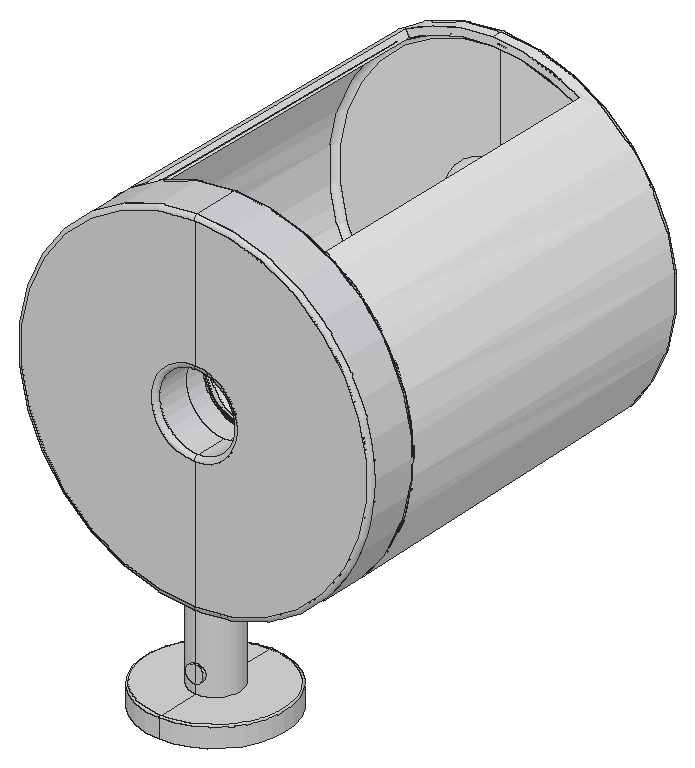
Revit family "Accessory-Tissue_Holder-KOHLER-STILLNESS-K-14388T", category Specialty Equipment, host Face, Revit 2017
Family settings
  Host = Face
  Round Connector Dimension = Use Diameter
  Part Type = Normal
  OmniClass Number = 23.31.25.21
  OmniClass Title = Toilet Paper Dispensers
  Cut with Voids When Loaded = No
  Shared = No
  Room Calculation Point = No
Parameters (values of type "CP-Polished Chrome")
  Width = 4.80315"  # constant formula
  WaterSense Certified = 1 = 0  # no
  URL = "https://www.kohler.com.cn/\r\nhttp://www.kohler.com.cn/\r\nhttp://www.kohler.com.cn/\r\nhttp://www.kohler.com.cn/\r\nhttp://www.kohler.com.cn/"
  Type = 1
  Product Page URL = "https://www.kohler.com.cn/product/K-14388T-CP/K-14388T-CP/"
  Product Name = "STILLNESS"  # constant formula
  Product Documentation Link = "https://files.kohler.com.cn/pdfs/k_14397t_14388t_stillness.pdf"
  Model = if(Type = 1, "K-14455T-CP", if(Type = 2, "K-14455T-SN", if(Type = 3, "K-14455T-BN", if(Type = 4, "K-14455T-PGD", if(Type = 5, "K-14455T-RGD", "NA")))))  # "K-14455T-CP"
  Material = "Premium Metal Construction"  # constant formula
  Master Format 2014 Name = "Toilet, Bath, and Laundry Accessories"  # constant formula
  Master Format 2014 = "10 28 00"  # constant formula
  Manufacturer Address = "Kohler Beijing Office (100016) 36-2-03-B, No. 88, Liuxiang Road, Beijing"  # constant formula
  Manufacturer = "KOHLER Co."  # constant formula
  Length = 6.08268"  # constant formula
  Height = 5.81102"  # constant formula
  Finish = Kohler-Metal-CP-Polished_Chrome
  Environmental Product Declaration = ""
  Description = "Toilet Paper Holder (With Cover)"  # constant formula
  Default Elevation = 42"
  Declare Label = ""
  Date Modified = "07/08/2020"  # constant formula
  Date Created = "07/08/2020"  # constant formula
  Copyright = "Copyright KOHLER Co."  # constant formula
  Contact Us = "http://www.kohler.com.cn/contact/contact-us/"
  Assembly Code = "C1030200"
  ADA Compliant = 1 = 0  # no
Types (6): name | Type | Product Page URL | Model | Finish
  (no name) | 1 | "https://www.kohler.com.cn/product/K-14388T-CP/K-14388T-CP/" | "K-14455T-CP" | Kohler-Metal-CP-Polished_Chrome
  CP-Polished Chrome | 1 | "https://www.kohler.com.cn/product/K-14388T-CP/K-14388T-CP/" | "K-14455T-CP" | Kohler-Metal-CP-Polished_Chrome
  SN-Champagne Gold | 2 | "https://www.kohler.com.cn/product/K-14388T-CP/K-14388T-SN/" | "K-14455T-SN" | Kohler-Metal-SN-Vibrant_Polished_Nickel
  BN-Roman Silver | 3 | "https://www.kohler.com.cn/product/K-14388T-CP/K-14388T-BN/" | "K-14455T-BN" | Kohler-Metal-BN-Vibrant_Brushed_Nickel
  PGD-Eternal Gold | 4 | "https://www.kohler.com.cn/product/K-14388T-CP/K-14388T-PGD/" | "K-14455T-PGD" | Kohler-Metal-PGD-Modern_Polished_Gold
  RGD-Rose Gold | 5 | "https://www.kohler.com.cn/product/K-14388T-CP/K-14388T-RGD/" | "K-14455T-RGD" | Kohler-Metal-RGD-Polished_Rose_Gold
Reference planes (in)
  plane 1 "Center (Front/Back)": y = 0
  plane 2: z = 0
  plane 3 "Center (Left/Right)": x = 0
  plane 4: x = -2.40157
  plane 5: x = 2.40157
  plane 6: x = -2.3622
  plane 7: x = 2.3622
  plane 8: y = 4.88189
  plane 9: y = -0.92913
  plane 10: x = -0.94488
  plane 11: x = 0.94488
  plane 12: y = 0.96063
  plane 13: y = 4.68504
  plane 14: y = -0.35433
  plane 15: z = 0.27559
  plane 16: z = 3.6811
  plane 17: z = 6.08268
  plane 18: z = 6.03456
  plane 19: z = 1.32944
  plane 20: z = 1.27953
  plane 21: y = -0.32874
  plane 22: y = 0.32874
  plane 23: x = 0.32874
  plane 24: x = -0.32874
Dimensions and locks (in)
  "Width": plane 4 to plane 5
  locked: plane 6 to plane 7 at 4.72441
  locked: plane 12 to plane 9 at 1.88976
  locked: plane 10 to plane 11 at 1.88976
  locked: plane 8 to plane 14 at 5.23622
  locked: plane 1 "Center (Front/Back)" to plane 8 at 4.88189
  locked: plane 1 "Center (Front/Back)" to plane 13 at 4.68504
  "Height": plane 8 to plane 9
  locked: plane 17 to plane 20 at 4.80315
  locked: plane 19 to plane 18 at 4.70512
  locked: plane 16 to plane 2 at 3.6811
  "Length": plane 17 to plane 2
  aligned and locked: plane 2 to host face
  aligned and locked: level to host face
Automatic sketch dimensions
  host sketch curve to host sketch curve = 96"  (x2)
Nested families (in)
  nested 1: "K-14388T" at (0, 0, 0), type "K-14388T"
Definition of nested family "K-14388T"
  Parameters (values of type "K-14388T")
    Material = none
  Reference planes (in)
    plane 1 "Center (Front/Back)": y = 0
    plane 2: z = 0
    plane 3 "Center (Left/Right)": x = 0
    plane 4: x = -0.94488
    plane 5: x = 0.94488
    plane 6: y = 0.94488
    plane 7: y = -0.94488
    plane 8: x = -2.3622
    plane 9: x = 2.3622
    plane 10: x = -2.40157
    plane 11: x = 2.40157
    plane 12: y = 4.88189
    plane 13: y = -0.35433
    plane 14: y = 4.68504
    plane 15: z = 3.6811
    plane 16: z = 6.08268
    plane 17: y = 0.32874
    plane 18: y = -0.32874
    plane 19: x = 0.32874
    plane 20: x = -0.32874
    plane 21: z = 6.03456
    plane 22: z = 1.32944
    plane 23: z = 1.27953
    plane 24: z = 0.27559
  Forms (in)
    Revolve 1, solid, material <- "Material", detail levels medium+fine
      sketch origin (0, 0, 0) x (0, 1, 0) y (0, 0, 1)
        loop
          line (0, 0) -> (0.94488, 0) -> (0.94488, 0.25591)
          arc (0.94488, 0.25591) -> (0.93912, 0.26982) -> (0.9252, 0.27559) r 0.01969
          line (0.9252, 0.27559) -> (0.32874, 0.27559) -> (0.32874, 1.34684) -> (0, 1.34684) -> (0, 0)
        axis (0, 1.34684) -> (0, 0)
      angle from 0 to 360
    Revolve 2, solid, material <- "Material", detail levels medium+fine
      sketch origin (0, 0, 0) x (0, 1, 0) y (0, 0, 1)
        loop
          line (0.33077, 6.08268) -> (-0.2968, 6.08268)
          arc (-0.2968, 6.08268) -> (-0.33748, 6.06583) -> (-0.35433, 6.02514) r 0.05753
          line (-0.35433, 6.02514) -> (-0.35433, 4.26325)
          arc (-0.35433, 4.26325) -> (-0.33661, 4.22047) -> (-0.29384, 4.20276) r 0.06049
          line (-0.29384, 4.20276) -> (0.14961, 4.20276) -> (0.14961, 4.26772) -> (0.51376, 4.26772)
          arc (0.51376, 4.26772) -> (0.52951, 4.27194) -> (0.54103, 4.28346) r 0.0315
          line (0.54103, 4.28346) -> (0.55922, 4.31496) -> (0.91732, 4.31496) -> (0.93701, 4.34307) -> (0.93701, 4.37599)
          arc (0.93701, 4.37599) -> (0.93124, 4.38991) -> (0.91732, 4.39567) r 0.01969
          line (0.91732, 4.39567) -> (0.34646, 4.39567) -> (0.34646, 5.88147)
          arc (0.34646, 5.88147) -> (0.32904, 5.92353) -> (0.28699, 5.94094) r 0.05947
          line (0.28699, 5.94094) -> (0.18898, 5.94094) -> (0.18898, 6.03544) -> (0.24694, 6.03544) -> (0.33077, 6.03544)
          arc (0.33077, 6.03544) -> (0.35439, 6.05906) -> (0.33077, 6.08268) r 0.02362
        axis (0.93701, 3.6811) -> (-0.35433, 3.6811)
      angle from 0 to 360
    Revolve 3, solid, material <- "Material", detail levels medium+fine
      sketch origin (0, 0, 0) x (0, 1, 0) y (0, 0, 1)
        loop
          line (-0.35433, 0.5315) -> (-0.11811, 0.5315) -> (-0.11811, 0.56848) -> (-0.19924, 0.64961) -> (-0.35433, 0.64961) -> (-0.35433, 0.5315)
        axis (-0.11811, 0.5315) -> (-0.35433, 0.5315)
      angle from 0 to 360
    Revolve 4, solid, detail levels medium+fine
      sketch origin (0, 0, 0) x (0, 1, 0) y (0, 0, 1)
        loop
          arc (4.88189, 2.94701) -> (4.85371, 3.01588) -> (4.78534, 3.04525) r 0.09826
          line (4.78534, 3.04525) -> (0.59055, 3.11847) -> (0.59055, 3.05969)
          arc (0.59055, 3.05969) -> (0.59638, 3.04545) -> (0.61052, 3.03938) r 0.02032
          line (0.61052, 3.03938) -> (4.70652, 2.96788)
          arc (4.70652, 2.96788) -> (4.77495, 2.93848) -> (4.80315, 2.86955) r 0.09834
          line (4.80315, 2.86955) -> (4.80315, 1.51111)
          arc (4.80315, 1.51111) -> (4.78076, 1.45661) -> (4.72653, 1.43359) r 0.07752
          line (4.72653, 1.43359) -> (0.19685, 1.38085) -> (0.19685, 1.34301) -> (0.31167, 1.32895)
          arc (0.31167, 1.32895) -> (0.33338, 1.32477) -> (0.35432, 1.31769) r 0.16254
          line (0.35432, 1.31769) -> (0.35432, 1.27722) -> (4.84298, 1.32948)
          arc (4.84298, 1.32948) -> (4.87052, 1.34117) -> (4.88189, 1.36885) r 0.03937
          line (4.88189, 1.36885) -> (4.88189, 2.94701)
        axis (4.88189, 3.6811) -> (0.19685, 3.6811)
      angle from 0 to 360
    Extrusion 5, void
      sketch origin (0, 0, 0) x (1, 0, 0) y (0, 0, 1)
        loop
          line (0.94096, 5.30657) -> (1.26689, 5.87109)
          arc (1.26689, 5.87109) -> (0, 6.2255) -> (-1.26689, 5.87109) r 2.44154
          line (-1.26689, 5.87109) -> (-0.94096, 5.30657)
          arc (-0.94096, 5.30657) -> (0, 5.5638) -> (0.94096, 5.30657) r 1.84963
      from -4.68504 to 0.6842
    Revolve 6, solid, material <- "Material", detail levels coarse
      sketch origin (0, 0, 0) x (0, 1, 0) y (0, 0, 1)
        loop
          line (0, 0) -> (0.94488, 0) -> (0.94488, 0.27559) -> (0.32874, 0.27559) -> (0.32874, 1.31119) -> (0, 1.31119) -> (0, 0)
        axis (0, 1.31119) -> (0, 0)
      angle from 0 to 360
    Revolve 7, solid, material <- "Material", detail levels coarse
      sketch origin (0, 0, 0) x (0, 1, 0) y (0, 0, 1)
        loop
          line (-0.28998, 0.5315) -> (-0.28998, 0.64961) -> (-0.36365, 0.64961) -> (-0.36365, 0.5315) -> (-0.28998, 0.5315)
        axis (-0.28998, 0.5315) -> (-0.36365, 0.5315)
      angle from 0 to 360
    Revolve 8, solid, material <- "Material", detail levels coarse
      sketch origin (0, 0, 0) x (0, 1, 0) y (0, 0, 1)
        loop
          line (-0.35433, 3.6811) -> (0.35632, 3.6811) -> (0.35632, 6.08268) -> (-0.35433, 6.08268) -> (-0.35433, 3.6811)
        axis (0.35632, 3.6811) -> (-0.35433, 3.6811)
      angle from 0 to 360
    Revolve 9, solid, detail levels coarse
      sketch origin (0, 0, 0) x (0, 1, 0) y (0, 0, 1)
        loop
          line (4.88189, 5.49213) -> (4.88189, 6.08268) -> (0.35329, 6.08268) -> (0.35329, 5.49213) -> (4.88189, 5.49213)
        axis (4.88189, 3.6811) -> (0.35329, 3.6811)
      angle from 0 to 360
    Extrusion 10, void
      sketch origin (0, 0, 0) x (1, 0, 0) y (0, 1, 0)
        loop
          line (1.18358, 0.35432) -> (1.18358, 4.68503) -> (-1.17862, 4.68503) -> (-1.17862, 0.35432) -> (1.18358, 0.35432)
      from 4.44567 to 7.5976
    Extrusion 11, solid, detail levels coarse
      sketch origin (0, 0, 0) x (1, 0, 0) y (0, 0, 1)
        loop
          circle (0, 3.6811) r 1.81102
        loop
          circle (0, 3.6811) r 0.63386
      from -4.88189 to -4.68504
    Extrusion 12, solid, detail levels coarse
      sketch origin (0, 0, 0) x (1, 0, 0) y (0, 0, 1)
        loop
          circle (0, 3.6811) r 0.63386
      from -4.88189 to -0.34646
  Cuts and joins
    joined: Revolve 1, Revolve 2, Revolve 3
    Extrusion 5 cuts Revolve 4
    joined: Revolve 6, Revolve 7, Revolve 8
    Extrusion 10 cuts Revolve 9
  Lines and regions (in)
    Masking region 1
      outline origin (0, 0, 0) x (0, 1, 0) y (0, 0, 1)
        loop
          arc (4.88189, 5.99369) -> (4.86992, 6.02259) -> (4.84101, 6.03456) r 0.04088
          line (4.84101, 6.03456) -> (4.68504, 6.03456) -> (4.68504, 5.71818) -> (0.35432, 5.76184) -> (0.35432, 6.06279)
          arc (0.35432, 6.06279) -> (0.3485, 6.07685) -> (0.33444, 6.08268) r 0.01988
          line (0.33444, 6.08268) -> (-0.29716, 6.08268)
          arc (-0.29716, 6.08268) -> (-0.33759, 6.06593) -> (-0.35433, 6.02551) r 0.05717
          line (-0.35433, 6.02551) -> (-0.35432, 1.30236)
          arc (-0.35432, 1.30236) -> (-0.34663, 1.28527) -> (-0.32874, 1.27968) r 0.02284
          line (-0.32874, 1.27968) -> (-0.32874, 0.64961) -> (-0.36148, 0.64961) -> (-0.36148, 0.41338) -> (-0.32874, 0.41338) -> (-0.32874, 0.27559) -> (-0.9252, 0.27559)
          arc (-0.9252, 0.27559) -> (-0.93912, 0.26982) -> (-0.94488, 0.25591) r 0.01969
          line (-0.94488, 0.25591) -> (-0.94488, 0) -> (0.94488, 0) -> (0.94488, 0.25411)
          arc (0.94488, 0.25411) -> (0.93859, 0.2693) -> (0.9234, 0.27559) r 0.02148
          line (0.9234, 0.27559) -> (0.32874, 0.27559) -> (0.32874, 1.27573) -> (4.84304, 1.32944)
          arc (4.84304, 1.32944) -> (4.87054, 1.34112) -> (4.88189, 1.36876) r 0.03932
          line (4.88189, 1.36876) -> (4.88189, 5.99369)
    Masking region 2
      outline origin (0, 0, 0) x (1, 0, 0) y (0, 0, 1)
        loop
          arc (0.32874, 1.30213) -> (0, 6.08268) -> (-0.32874, 1.30213) r 2.40157
          line (-0.32874, 1.30213) -> (-0.32874, 0.27559) -> (-0.9252, 0.27559)
          arc (-0.9252, 0.27559) -> (-0.93912, 0.26982) -> (-0.94488, 0.25591) r 0.01969
          line (-0.94488, 0.25591) -> (-0.94488, 0) -> (0.94488, 0) -> (0.94488, 0.25197)
          arc (0.94488, 0.25197) -> (0.93796, 0.26867) -> (0.92126, 0.27559) r 0.02362
          line (0.92126, 0.27559) -> (0.32874, 0.27559) -> (0.32874, 1.30213)
    Masking region 3
      outline origin (0, 0, 0) x (1, 0, 0) y (0, 1, 0)
        loop
          arc (2.34413, -0.35433) -> (2.3847, -0.33753) -> (2.4015, -0.29696) r 0.05737
          line (2.4015, -0.29696) -> (2.4015, 0.32513)
          arc (2.4015, 0.32513) -> (2.39296, 0.34577) -> (2.37232, 0.35432) r 0.02919
          line (2.37232, 0.35432) -> (2.40388, 0.35432) -> (2.35162, 4.8428)
          arc (2.35162, 4.8428) -> (2.33988, 4.87047) -> (2.31207, 4.88189) r 0.03955
          line (2.31207, 4.88189) -> (-2.31207, 4.88189)
          arc (-2.31207, 4.88189) -> (-2.33988, 4.87047) -> (-2.35162, 4.8428) r 0.03955
          line (-2.35162, 4.8428) -> (-2.40388, 0.35432) -> (-2.37232, 0.35432)
          arc (-2.37232, 0.35432) -> (-2.39296, 0.34577) -> (-2.4015, 0.32513) r 0.02919
          line (-2.4015, 0.32513) -> (-2.4015, -0.29696)
          arc (-2.4015, -0.29696) -> (-2.3847, -0.33753) -> (-2.34413, -0.35433) r 0.05737
          line (-2.34413, -0.35433) -> (-0.87593, -0.35433)
          arc (-0.87593, -0.35433) -> (0, -0.94488) -> (0.87593, -0.35433) r 0.94488
          line (0.87593, -0.35433) -> (2.34413, -0.35433)
    symbolic lines, detail levels medium+fine
      curve 1: arc (0.32874, 0, 1.30213) -> (0, 0, 1.27717) -> (-0.32874, 0, 1.30213) r 2.17742
      curve 2: circle (0, 0, 3.6811) r 0.52165 normal (0, -1, 0)
      curve 3: line (0.32874, 0, 0.27559) -> (-0.32874, 0, 0.27559)
      curve 4: arc (0, -0.32874, 1.27968) -> (0, 0.01292, 1.30201) -> (0, 0.35432, 1.27605) r 2.42754
      curve 5: line (0, -0.32874, 0.64961) -> (0, -0.32874, 0.41338)
      curve 6: line (0, 0.32874, 0.27559) -> (0, -0.32874, 0.27559)
      curve 7: line (-2.37232, 0.35432, 0) -> (0.87593, 0.35432, 0)
      curve 8: line (0.87593, 0.35432, 0) -> (2.37232, 0.35432, 0)
      curve 9: line (-0.71066, 0.8831, 0) -> (-0.71066, 0.35432, 0)
      curve 10: arc (-0.64888, 0.94488, 0) -> (-0.69256, 0.92679, 0) -> (-0.71066, 0.8831, 0) r 0.06178
      curve 11: line (-0.64888, 0.94488, 0) -> (-0.71416, 4.68504, 0)
      curve 12: line (0.71066, 0.8831, 0) -> (0.71066, 0.35432, 0)
      curve 13: arc (0.64888, 0.94488, 0) -> (0.69256, 0.92679, 0) -> (0.71066, 0.8831, 0) r 0.06178
      curve 14: line (0.64888, 0.94488, 0) -> (0.71416, 4.68504, 0)
      curve 15: line (0.64888, 0.94488, 0) -> (-0.64888, 0.94488, 0)
      curve 16: line (-1.12556, 0.35432, 0) -> (-1.12556, 4.68504, 0)
      curve 17: line (-1.17861, 4.68504, 0) -> (-1.17861, 0.35432, 0)
      curve 18: line (-1.17861, 4.68504, 0) -> (1.17861, 4.68504, 0)
      curve 19: line (1.12556, 0.35432, 0) -> (1.12556, 4.68504, 0)
      curve 20: line (1.17861, 4.68504, 0) -> (1.17861, 0.35432, 0)
      curve 21: line (-0.87593, -0.35433, 0) -> (0.87593, -0.35433, 0)
      curve 22: line (-2.4015, -0.29696, 0) -> (2.4015, -0.29696, 0)
      curve 23: line (-2.35162, 4.8428, 0) -> (2.35162, 4.8428, 0)
      curve 24: line (0, 4.84101, 6.03456) -> (0, 4.84304, 1.32944)
      curve 25: line (0, -0.29716, 6.08268) -> (0, -0.29716, 1.28379)
      curve 26: line (0, 0.35432, 5.76184) -> (0, 0.35432, 1.27605)
  Dimensions and locks (in)
    locked: plane 8 to plane 9 at 4.72441
    locked: plane 10 to plane 11 at 4.80315
    locked: plane 12 to plane 13 at 5.23622
    locked: plane 1 "Center (Front/Back)" to plane 12 at 4.88189
    locked: plane 1 "Center (Front/Back)" to plane 14 at 4.68504
    locked: plane 15 to plane 2 at 3.6811
    locked: plane 16 to plane 2 at 6.08268
    plane 22 to plane 21 = 4.70512"
    locked: plane 16 to plane 23 at 4.80315
    aligned and locked: plane 2 to level
